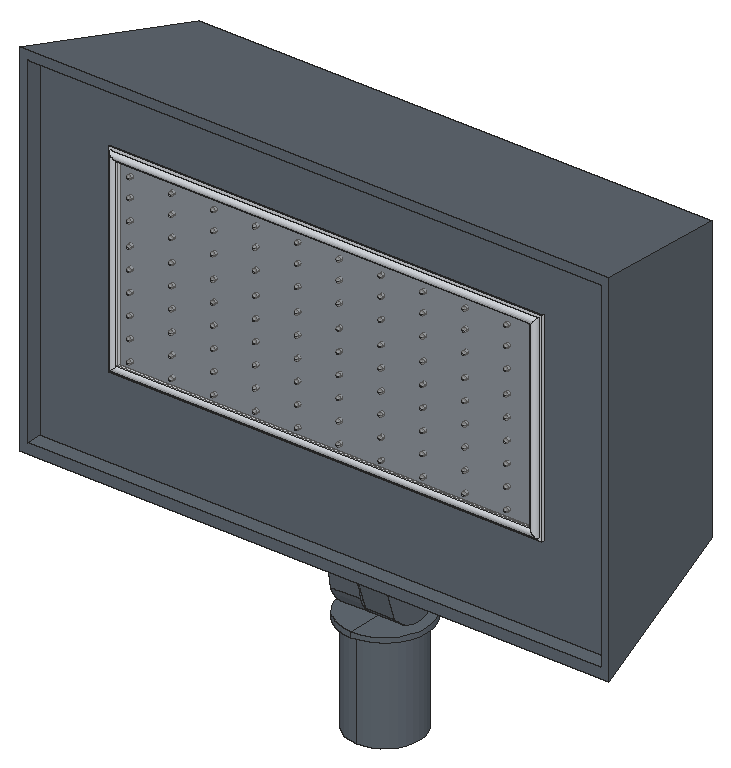
Revit family "RFL3", category Lighting Fixtures, host Face, Revit 2014
Parameters (values of type "RFL3")
  Width 1 = 5.000"
  Width = 11.630"
  Watts = 40 W
  Wattage Comments = "40W"
  Wattage = 40 W
  Warranty = "5 years Warranty"  # constant formula
  built-in parameter 1150110 = 1 (stored number, unit not read)
  Voltage = 120 V
  URL = "https://www.hubbell.com/hubbelllightingci/en"
  Type Comments = "Floodlighting"  # constant formula
  built-in parameter 1114217 = 1 (stored number, unit not read)
  Tilt Angle = 0.00°
  built-in parameter 1150109 = 1 (stored number, unit not read)
  built-in parameter 1150134 = 12
  built-in parameter 1150113 = 1 (stored number, unit not read)
  Screw = Metal-Hubbell-Gray
  Reflector Finish = Hubbell - White Glass
  Product Page URL = "https://www.hubbell.com/hubbelllightingci/en/Products/Lighting-Controls/Commercial-Outdoor-Lighting/Flood-Lighting/RFL3-Ratio-Floodlight/p/3236107"
  Product Doucmentation Link = "https://hubbellcdn.com/specsheet/HOL_RATIO_FLOOD_RFL2_3_SPEC.pdf"
  Power Factor = 1
  Photometric Web File = "RFL3-90L-40-4K7-M.ies"
  Photometric Note = "For more ies file please find the above Photometric Web Link"
  Model = "RFL3"
  Manufacturer = "Hubbell Lighting"  # constant formula
  built-in parameter 1150105 = 426.54 (stored number, unit not read)
  Lumens = 5360 lm
  built-in parameter 1150115 = 1 (stored number, unit not read)
  Load Classification = Lighting
  built-in parameter 1150137 = (empty or 0)
  built-in parameter 1150139 = (empty or 0)
  Length = 26.380"
  built-in parameter 1150112 = 1 (stored number, unit not read)
  built-in parameter 1150114 = 1 (stored number, unit not read)
  Lamp = "LED"  # constant formula
  LED_Finish = Glass - Hubbell - White
  LED = RFL : RFL
  built-in parameter 1150132 = (empty or 0)
  built-in parameter 1150102 = (empty or 0)
  built-in parameter 1150107 = 4000 (stored number, unit not read)
  built-in parameter 1150138 = (empty or 0)
  built-in parameter 1150106 = 4.2654 (stored number, unit not read)
  Housing Material = Paint - Hubbell - Carbon Black
  Features = "Lumen range from 2,000 to 4,000 lm\r\n• Color Temperature 3000K, 4000K, 5000K at\r\n70 and 80 CRI\r\n• Yoke and Threaded Knuckle mounting options.\r\n• 6 beam distributions and beam angles\r\nincluding: Narrow 17°x17°, Medium 28°x27°,\r\nMedium Flood 62°x61°, Wide 79°x64°,\r\nHorizontal 54°x22°, and Vertical 22°x54°.\r\n• IP66 sealed optical and driver chamber"  # constant formula
  built-in parameter 1150104 = 12.449 (stored number, unit not read)
  Dimming Lamp Color Temperature Shift = <None>
  Description = "Compact LED flood with a variety of NEMA distribution for lighting applications such as safety/security, accent, flag pole, columns, or signs. The Ratio flood series was designed in cohesion with the site/area products to provide a sleek yet timeless product family to be used throughout a site. Ratio features a dense optical array which provides reduced pixelation and increased visual comfort without compromising performance."  # constant formula
  Default Elevation = 48.000"
  Create Date = "05/31/2019"  # constant formula
  Copyright = "© 2019 HUBBELL LIGHTING"  # constant formula
  Contact = "https://www.hubbell.com/hubbelllightingci/en/contactUs"
  Connector Description = "Lighting Connector"  # constant formula
  Color Filter = 16777215
  built-in parameter 1114216 [instance] = (empty or 0)
  Certifications = "UL 1598 Standard for Luminaires,IP66 certified."  # constant formula
  built-in parameter 1114218 = 1 (stored number, unit not read)
  built-in parameter 1150133 = 10 (stored number, unit not read)
  Assembly Code = "D5020200"
  Apparent Load = Watts / Power Factor  # 40 VA
Reference planes (in)
  plane 1 "Center (Front/Back)": y = 0
  plane 2: z = 0
  plane 3 "Center (Left/Right)": x = 0
  plane 4: z = 9.3
Forms (in)
  Revolve 1, solid, material "Paint - Hubbell - Carbon Black" <- "Housing Material"
    sketch origin (0, 0.625, 0.57813) x (0, 1, 0) y (0, 0, 1)
      loop
        line (0.10822, 1.15809) -> (0.10822, -0.55336) -> (0.69184, -0.55336) -> (0.69184, 1.07444) -> (0.80803, 1.07444) -> (0.80803, 1.15809) -> (0.10822, 1.15809)
      axis (0.10822, 1.15809) -> (0.10822, -0.55336)
    angle from 0 to 360
  Extrusion 2, solid, material "Paint - Hubbell - Carbon Black"
    sketch origin (-0.25, 0.75, -1.01563) x (0, 1, 0) y (0, 0, 1)
      loop
        arc (-0.5138, 3.14643) -> (0.02516, 2.74808) -> (0.58106, 3.12241) r 0.58115
        line (0.58106, 3.12241) -> (0.41594, 4.05985)
        arc (0.41594, 4.05985) -> (-0.17138, 4.32927) -> (-0.64466, 3.88935) r 0.58115
        line (-0.64466, 3.88935) -> (-0.5138, 3.14643)
    from -0.25 to 0.25
  Revolve 3, solid, material "Metal-Hubbell-Gray" <- "Screw"
    sketch origin (-0.25, 0.57031, 2.4955) x (1, 0, 0) y (0, 1, 0)
      loop
        line (-0.26448, 0.19804) -> (-0.23348, 0.19804) -> (-0.23348, 0.1667) -> (0.72665, 0.1667) -> (0.72665, 0.19804) -> (0.75805, 0.19804) -> (0.75805, 0.29889) -> (0.719, 0.29889) -> (0.719, 0.26805) -> (-0.219, 0.26805) -> (-0.219, 0.29889) -> (-0.26448, 0.29889) -> (-0.26448, 0.19804)
      axis (-0.26448, 0.1667) -> (0.75805, 0.1667)
    angle from 0 to 360
Dimensions and locks (in)
  plane 4 to plane 2 = 9.300"  (x2)
  aligned and locked: plane 2 to host face
  aligned and locked: level to host face
Nested families (in)
  nested 1: "RFL" at (0.25, 0.73251, 3.25122) x (-1, 0, 0) z (0, 0, 1), type "RFL"
Connectors (in)
  electrical at (0, 0.73322, 0.02477), driven by "Voltage", driven by "Apparent Load", driven by "Connector Description", driven by "Load Classification"
    settings: on Revolve 1, index 1, voltage 120 V, apparent load 40 VA, apparent load phase1 0 VA, apparent load phase2 0 VA, apparent load phase3 0 VA, power factor 1, load classification "Lighting", number of poles 1, system type 30, power factor state 1, is connector primary yes, connector utility no, sub classification motor no, connector description "Lighting Connector"
Definition of nested family "RFL"
  Parameters (values of type "RFL")
    Width = 6.000"
    Length = 9.800"
    LED_Finish = Glass - Hubbell - White
    LED Base Plate = Glass - Hubbell - White
    LED = Glass - Hubbell - White
    Housing = Paint - Hubbell - Carbon Black
    Depth = 2.900"
    Case = Metal-Hubbell-Gray
  Reference planes (in)
    plane 1 "Center (Front/Back)": y = 0
    plane 2: z = 0
    plane 3 "Center (Left/Right)": x = 0
    plane 4: x = 4.9
    plane 5: x = -4.9
    plane 6: y = 3
    plane 7: y = -3
    plane 8: z = 6
  Forms (in)
    Extrusion 1, solid, material "Paint - Hubbell - Carbon Black" <- "Housing"
      sketch origin (0, 0.97332, -7.05511) x (0, 0.965926, 0.258819) y (0, -0.258819, 0.965926)
        loop
          arc (0.15705, 5.93067) -> (0.69498, 5.56534) -> (1.23499, 5.92759) r 0.58115
          line (1.23499, 5.92759) -> (1.36669, 7.42982) -> (0.05326, 7.48411) -> (0.15705, 5.93067)
      from -0.25 to 0.25
    Blend 2, solid, material "Paint - Hubbell - Carbon Black" <- "Housing"
      base sketch origin (0, 0, 2.3125) x (1, 0, 0) y (0, 0, 1)
        loop
          line (-4.86899, -2.3125) -> (4.9, -2.3125) -> (4.9, 3.6875) -> (-4.86899, 3.6875) -> (-4.86899, -2.3125)
      top sketch origin (0, 0, 2.3125) x (1, 0, 0) y (0, 0, 1)
        loop
          line (-4.25, 3.0375) -> (-4.25, -1.6625) -> (4.25, -1.6625) -> (4.25, 3.0375) -> (-4.25, 3.0375)
      from 1.75 to -1.15
    Extrusion 3, void
      sketch origin (0, 0, 0) x (1, 0, 0) y (0, 0, 1)
        loop
          line (-4.74325, 5.85607) -> (-4.74325, 0.16516) -> (4.77409, 0.16516) -> (4.77409, 5.85607) -> (-4.74325, 5.85607)
      from 1.75 to 1.49135
    Extrusion 4, solid, material "Glass - Hubbell - White" <- "LED Base Plate"
      sketch origin (0, 0, 0) x (1, 0, 0) y (0, 0, 1)
        loop
          line (-3.41133, 1.68111) -> (3.45596, 1.68111) -> (3.45596, 4.72037) -> (-3.41133, 4.72037) -> (-3.41133, 1.68111)
      from 1.56737 to 1.49135
    Sweep 5, solid
      path origin (0, -1.48379, 0) x (1, 0, 0) y (0, 0, 1)
        loop
          line (-3.57144, 4.88047) -> (-3.57144, 1.52101) -> (3.61606, 1.52101) -> (3.61606, 4.88047) -> (-3.57144, 4.88047)
      profile origin (0.02231, -1.48379, 4.88047) x (0, 0, 1) y (0, -1, 0)
        loop
          line (0, 0) -> (0, 0.03881) -> (-0.04662, 0.03881)
          arc (-0.04662, 0.03881) -> (-0.09916, 0.10354) -> (-0.1601, 0.04666) r 0.05701
          line (-0.1601, 0.04666) -> (-0.1601, 0) -> (0, 0)
    Revolve 6, solid, material "Glass - Hubbell - White" <- "LED_Finish"
      sketch origin (-0.84375, -0.05151, 4.54399) x (1, 0, 0) y (0, 1, 0)
        loop
          line (-2.15296, -1.43985) -> (-2.15296, -1.52075)
          arc (-2.15296, -1.52075) -> (-2.12758, -1.51024) -> (-2.11707, -1.48486) r 0.03589
          line (-2.11707, -1.48486) -> (-2.11707, -1.43985) -> (-2.15296, -1.43985)
        axis (-2.15296, -1.43985) -> (-2.15296, -1.52075)
      angle from 0 to 360
    Revolve 7, solid, material "Glass - Hubbell - White" <- "LED_Finish"
      sketch origin (-0.84375, -0.05151, 4.23149) x (1, 0, 0) y (0, 1, 0)
        loop
          line (-2.15296, -1.43985) -> (-2.15296, -1.52075)
          arc (-2.15296, -1.52075) -> (-2.12758, -1.51024) -> (-2.11707, -1.48486) r 0.03589
          line (-2.11707, -1.48486) -> (-2.11707, -1.43985) -> (-2.15296, -1.43985)
        axis (-2.15296, -1.43985) -> (-2.15296, -1.52075)
      angle from 0 to 360
    Revolve 8, solid, material "Glass - Hubbell - White" <- "LED_Finish"
      sketch origin (-0.84375, -0.05151, 3.88774) x (1, 0, 0) y (0, 1, 0)
        loop
          line (-2.15296, -1.43985) -> (-2.15296, -1.52075)
          arc (-2.15296, -1.52075) -> (-2.12758, -1.51024) -> (-2.11707, -1.48486) r 0.03589
          line (-2.11707, -1.48486) -> (-2.11707, -1.43985) -> (-2.15296, -1.43985)
        axis (-2.15296, -1.43985) -> (-2.15296, -1.52075)
      angle from 0 to 360
    Revolve 9, solid, material "Glass - Hubbell - White" <- "LED_Finish"
      sketch origin (-0.84375, -0.05151, 3.51274) x (1, 0, 0) y (0, 1, 0)
        loop
          line (-2.15296, -1.43985) -> (-2.15296, -1.52075)
          arc (-2.15296, -1.52075) -> (-2.12758, -1.51024) -> (-2.11707, -1.48486) r 0.03589
          line (-2.11707, -1.48486) -> (-2.11707, -1.43985) -> (-2.15296, -1.43985)
        axis (-2.15296, -1.43985) -> (-2.15296, -1.52075)
      angle from 0 to 360
    Revolve 10, solid, material "Glass - Hubbell - White" <- "LED_Finish"
      sketch origin (-0.84375, -0.05151, 3.16899) x (1, 0, 0) y (0, 1, 0)
        loop
          line (-2.15296, -1.43985) -> (-2.15296, -1.52075)
          arc (-2.15296, -1.52075) -> (-2.12758, -1.51024) -> (-2.11707, -1.48486) r 0.03589
          line (-2.11707, -1.48486) -> (-2.11707, -1.43985) -> (-2.15296, -1.43985)
        axis (-2.15296, -1.43985) -> (-2.15296, -1.52075)
      angle from 0 to 360
    Revolve 11, solid, material "Glass - Hubbell - White" <- "LED_Finish"
      sketch origin (-0.84375, -0.05151, 2.82524) x (1, 0, 0) y (0, 1, 0)
        loop
          line (-2.15296, -1.43985) -> (-2.15296, -1.52075)
          arc (-2.15296, -1.52075) -> (-2.12758, -1.51024) -> (-2.11707, -1.48486) r 0.03589
          line (-2.11707, -1.48486) -> (-2.11707, -1.43985) -> (-2.15296, -1.43985)
        axis (-2.15296, -1.43985) -> (-2.15296, -1.52075)
      angle from 0 to 360
    Revolve 12, solid, material "Glass - Hubbell - White" <- "LED_Finish"
      sketch origin (-0.84375, -0.05151, 2.48149) x (1, 0, 0) y (0, 1, 0)
        loop
          line (-2.15296, -1.43985) -> (-2.15296, -1.52075)
          arc (-2.15296, -1.52075) -> (-2.12758, -1.51024) -> (-2.11707, -1.48486) r 0.03589
          line (-2.11707, -1.48486) -> (-2.11707, -1.43985) -> (-2.15296, -1.43985)
        axis (-2.15296, -1.43985) -> (-2.15296, -1.52075)
      angle from 0 to 360
    Revolve 13, solid, material "Glass - Hubbell - White" <- "LED_Finish"
      sketch origin (-0.84375, -0.05151, 2.13774) x (1, 0, 0) y (0, 1, 0)
        loop
          line (-2.15296, -1.43985) -> (-2.15296, -1.52075)
          arc (-2.15296, -1.52075) -> (-2.12758, -1.51024) -> (-2.11707, -1.48486) r 0.03589
          line (-2.11707, -1.48486) -> (-2.11707, -1.43985) -> (-2.15296, -1.43985)
        axis (-2.15296, -1.43985) -> (-2.15296, -1.52075)
      angle from 0 to 360
    Revolve 14, solid, material "Glass - Hubbell - White" <- "LED_Finish"
      sketch origin (-0.84375, -0.05151, 1.79399) x (1, 0, 0) y (0, 1, 0)
        loop
          line (-2.15296, -1.43985) -> (-2.15296, -1.52075)
          arc (-2.15296, -1.52075) -> (-2.12758, -1.51024) -> (-2.11707, -1.48486) r 0.03589
          line (-2.11707, -1.48486) -> (-2.11707, -1.43985) -> (-2.15296, -1.43985)
        axis (-2.15296, -1.43985) -> (-2.15296, -1.52075)
      angle from 0 to 360
    Revolve 15, solid, material "Glass - Hubbell - White" <- "LED_Finish"
      sketch origin (5.40625, -0.05151, 4.54399) x (1, 0, 0) y (0, 1, 0)
        loop
          line (-2.15296, -1.43985) -> (-2.15296, -1.52075)
          arc (-2.15296, -1.52075) -> (-2.12758, -1.51024) -> (-2.11707, -1.48486) r 0.03589
          line (-2.11707, -1.48486) -> (-2.11707, -1.43985) -> (-2.15296, -1.43985)
        axis (-2.15296, -1.43985) -> (-2.15296, -1.52075)
      angle from 0 to 360
    Revolve 16, solid, material "Glass - Hubbell - White" <- "LED_Finish"
      sketch origin (5.40625, -0.05151, 4.23149) x (1, 0, 0) y (0, 1, 0)
        loop
          line (-2.15296, -1.43985) -> (-2.15296, -1.52075)
          arc (-2.15296, -1.52075) -> (-2.12758, -1.51024) -> (-2.11707, -1.48486) r 0.03589
          line (-2.11707, -1.48486) -> (-2.11707, -1.43985) -> (-2.15296, -1.43985)
        axis (-2.15296, -1.43985) -> (-2.15296, -1.52075)
      angle from 0 to 360
    Revolve 17, solid, material "Glass - Hubbell - White" <- "LED_Finish"
      sketch origin (5.40625, -0.05151, 3.88774) x (1, 0, 0) y (0, 1, 0)
        loop
          line (-2.15296, -1.43985) -> (-2.15296, -1.52075)
          arc (-2.15296, -1.52075) -> (-2.12758, -1.51024) -> (-2.11707, -1.48486) r 0.03589
          line (-2.11707, -1.48486) -> (-2.11707, -1.43985) -> (-2.15296, -1.43985)
        axis (-2.15296, -1.43985) -> (-2.15296, -1.52075)
      angle from 0 to 360
    Revolve 18, solid, material "Glass - Hubbell - White" <- "LED_Finish"
      sketch origin (5.40625, -0.05151, 3.51274) x (1, 0, 0) y (0, 1, 0)
        loop
          line (-2.15296, -1.43985) -> (-2.15296, -1.52075)
          arc (-2.15296, -1.52075) -> (-2.12758, -1.51024) -> (-2.11707, -1.48486) r 0.03589
          line (-2.11707, -1.48486) -> (-2.11707, -1.43985) -> (-2.15296, -1.43985)
        axis (-2.15296, -1.43985) -> (-2.15296, -1.52075)
      angle from 0 to 360
    Revolve 19, solid, material "Glass - Hubbell - White" <- "LED_Finish"
      sketch origin (5.40625, -0.05151, 3.16899) x (1, 0, 0) y (0, 1, 0)
        loop
          line (-2.15296, -1.43985) -> (-2.15296, -1.52075)
          arc (-2.15296, -1.52075) -> (-2.12758, -1.51024) -> (-2.11707, -1.48486) r 0.03589
          line (-2.11707, -1.48486) -> (-2.11707, -1.43985) -> (-2.15296, -1.43985)
        axis (-2.15296, -1.43985) -> (-2.15296, -1.52075)
      angle from 0 to 360
    Revolve 20, solid, material "Glass - Hubbell - White" <- "LED_Finish"
      sketch origin (5.40625, -0.05151, 2.82524) x (1, 0, 0) y (0, 1, 0)
        loop
          line (-2.15296, -1.43985) -> (-2.15296, -1.52075)
          arc (-2.15296, -1.52075) -> (-2.12758, -1.51024) -> (-2.11707, -1.48486) r 0.03589
          line (-2.11707, -1.48486) -> (-2.11707, -1.43985) -> (-2.15296, -1.43985)
        axis (-2.15296, -1.43985) -> (-2.15296, -1.52075)
      angle from 0 to 360
    Revolve 21, solid, material "Glass - Hubbell - White" <- "LED_Finish"
      sketch origin (5.40625, -0.05151, 2.48149) x (1, 0, 0) y (0, 1, 0)
        loop
          line (-2.15296, -1.43985) -> (-2.15296, -1.52075)
          arc (-2.15296, -1.52075) -> (-2.12758, -1.51024) -> (-2.11707, -1.48486) r 0.03589
          line (-2.11707, -1.48486) -> (-2.11707, -1.43985) -> (-2.15296, -1.43985)
        axis (-2.15296, -1.43985) -> (-2.15296, -1.52075)
      angle from 0 to 360
    Revolve 22, solid, material "Glass - Hubbell - White" <- "LED_Finish"
      sketch origin (5.40625, -0.05151, 2.13774) x (1, 0, 0) y (0, 1, 0)
        loop
          line (-2.15296, -1.43985) -> (-2.15296, -1.52075)
          arc (-2.15296, -1.52075) -> (-2.12758, -1.51024) -> (-2.11707, -1.48486) r 0.03589
          line (-2.11707, -1.48486) -> (-2.11707, -1.43985) -> (-2.15296, -1.43985)
        axis (-2.15296, -1.43985) -> (-2.15296, -1.52075)
      angle from 0 to 360
    Revolve 23, solid, material "Glass - Hubbell - White" <- "LED_Finish"
      sketch origin (5.40625, -0.05151, 1.79399) x (1, 0, 0) y (0, 1, 0)
        loop
          line (-2.15296, -1.43985) -> (-2.15296, -1.52075)
          arc (-2.15296, -1.52075) -> (-2.12758, -1.51024) -> (-2.11707, -1.48486) r 0.03589
          line (-2.11707, -1.48486) -> (-2.11707, -1.43985) -> (-2.15296, -1.43985)
        axis (-2.15296, -1.43985) -> (-2.15296, -1.52075)
      angle from 0 to 360
    Revolve 24, solid, material "Glass - Hubbell - White" <- "LED_Finish"
      sketch origin (-0.14931, -0.05151, 4.54399) x (1, 0, 0) y (0, 1, 0)
        loop
          line (-2.15296, -1.43985) -> (-2.15296, -1.52075)
          arc (-2.15296, -1.52075) -> (-2.12758, -1.51024) -> (-2.11707, -1.48486) r 0.03589
          line (-2.11707, -1.48486) -> (-2.11707, -1.43985) -> (-2.15296, -1.43985)
        axis (-2.15296, -1.43985) -> (-2.15296, -1.52075)
      angle from 0 to 360
    Revolve 25, solid, material "Glass - Hubbell - White" <- "LED_Finish"
      sketch origin (-0.14931, -0.05151, 4.23149) x (1, 0, 0) y (0, 1, 0)
        loop
          line (-2.15296, -1.43985) -> (-2.15296, -1.52075)
          arc (-2.15296, -1.52075) -> (-2.12758, -1.51024) -> (-2.11707, -1.48486) r 0.03589
          line (-2.11707, -1.48486) -> (-2.11707, -1.43985) -> (-2.15296, -1.43985)
        axis (-2.15296, -1.43985) -> (-2.15296, -1.52075)
      angle from 0 to 360
    Revolve 26, solid, material "Glass - Hubbell - White" <- "LED_Finish"
      sketch origin (-0.14931, -0.05151, 3.88774) x (1, 0, 0) y (0, 1, 0)
        loop
          line (-2.15296, -1.43985) -> (-2.15296, -1.52075)
          arc (-2.15296, -1.52075) -> (-2.12758, -1.51024) -> (-2.11707, -1.48486) r 0.03589
          line (-2.11707, -1.48486) -> (-2.11707, -1.43985) -> (-2.15296, -1.43985)
        axis (-2.15296, -1.43985) -> (-2.15296, -1.52075)
      angle from 0 to 360
    Revolve 27, solid, material "Glass - Hubbell - White" <- "LED_Finish"
      sketch origin (-0.14931, -0.05151, 3.51274) x (1, 0, 0) y (0, 1, 0)
        loop
          line (-2.15296, -1.43985) -> (-2.15296, -1.52075)
          arc (-2.15296, -1.52075) -> (-2.12758, -1.51024) -> (-2.11707, -1.48486) r 0.03589
          line (-2.11707, -1.48486) -> (-2.11707, -1.43985) -> (-2.15296, -1.43985)
        axis (-2.15296, -1.43985) -> (-2.15296, -1.52075)
      angle from 0 to 360
    Revolve 28, solid, material "Glass - Hubbell - White" <- "LED_Finish"
      sketch origin (-0.14931, -0.05151, 3.16899) x (1, 0, 0) y (0, 1, 0)
        loop
          line (-2.15296, -1.43985) -> (-2.15296, -1.52075)
          arc (-2.15296, -1.52075) -> (-2.12758, -1.51024) -> (-2.11707, -1.48486) r 0.03589
          line (-2.11707, -1.48486) -> (-2.11707, -1.43985) -> (-2.15296, -1.43985)
        axis (-2.15296, -1.43985) -> (-2.15296, -1.52075)
      angle from 0 to 360
    Revolve 29, solid, material "Glass - Hubbell - White" <- "LED_Finish"
      sketch origin (-0.14931, -0.05151, 2.82524) x (1, 0, 0) y (0, 1, 0)
        loop
          line (-2.15296, -1.43985) -> (-2.15296, -1.52075)
          arc (-2.15296, -1.52075) -> (-2.12758, -1.51024) -> (-2.11707, -1.48486) r 0.03589
          line (-2.11707, -1.48486) -> (-2.11707, -1.43985) -> (-2.15296, -1.43985)
        axis (-2.15296, -1.43985) -> (-2.15296, -1.52075)
      angle from 0 to 360
    Revolve 30, solid, material "Glass - Hubbell - White" <- "LED_Finish"
      sketch origin (-0.14931, -0.05151, 2.48149) x (1, 0, 0) y (0, 1, 0)
        loop
          line (-2.15296, -1.43985) -> (-2.15296, -1.52075)
          arc (-2.15296, -1.52075) -> (-2.12758, -1.51024) -> (-2.11707, -1.48486) r 0.03589
          line (-2.11707, -1.48486) -> (-2.11707, -1.43985) -> (-2.15296, -1.43985)
        axis (-2.15296, -1.43985) -> (-2.15296, -1.52075)
      angle from 0 to 360
    Revolve 31, solid, material "Glass - Hubbell - White" <- "LED_Finish"
      sketch origin (-0.14931, -0.05151, 2.13774) x (1, 0, 0) y (0, 1, 0)
        loop
          line (-2.15296, -1.43985) -> (-2.15296, -1.52075)
          arc (-2.15296, -1.52075) -> (-2.12758, -1.51024) -> (-2.11707, -1.48486) r 0.03589
          line (-2.11707, -1.48486) -> (-2.11707, -1.43985) -> (-2.15296, -1.43985)
        axis (-2.15296, -1.43985) -> (-2.15296, -1.52075)
      angle from 0 to 360
    Revolve 32, solid, material "Glass - Hubbell - White" <- "LED_Finish"
      sketch origin (-0.14931, -0.05151, 1.79399) x (1, 0, 0) y (0, 1, 0)
        loop
          line (-2.15296, -1.43985) -> (-2.15296, -1.52075)
          arc (-2.15296, -1.52075) -> (-2.12758, -1.51024) -> (-2.11707, -1.48486) r 0.03589
          line (-2.11707, -1.48486) -> (-2.11707, -1.43985) -> (-2.15296, -1.43985)
        axis (-2.15296, -1.43985) -> (-2.15296, -1.52075)
      angle from 0 to 360
    Revolve 33, solid, material "Glass - Hubbell - White" <- "LED_Finish"
      sketch origin (0.54514, -0.05151, 4.54399) x (1, 0, 0) y (0, 1, 0)
        loop
          line (-2.15296, -1.43985) -> (-2.15296, -1.52075)
          arc (-2.15296, -1.52075) -> (-2.12758, -1.51024) -> (-2.11707, -1.48486) r 0.03589
          line (-2.11707, -1.48486) -> (-2.11707, -1.43985) -> (-2.15296, -1.43985)
        axis (-2.15296, -1.43985) -> (-2.15296, -1.52075)
      angle from 0 to 360
    Revolve 34, solid, material "Glass - Hubbell - White" <- "LED_Finish"
      sketch origin (0.54514, -0.05151, 4.23149) x (1, 0, 0) y (0, 1, 0)
        loop
          line (-2.15296, -1.43985) -> (-2.15296, -1.52075)
          arc (-2.15296, -1.52075) -> (-2.12758, -1.51024) -> (-2.11707, -1.48486) r 0.03589
          line (-2.11707, -1.48486) -> (-2.11707, -1.43985) -> (-2.15296, -1.43985)
        axis (-2.15296, -1.43985) -> (-2.15296, -1.52075)
      angle from 0 to 360
    Revolve 35, solid, material "Glass - Hubbell - White" <- "LED_Finish"
      sketch origin (0.54514, -0.05151, 3.88774) x (1, 0, 0) y (0, 1, 0)
        loop
          line (-2.15296, -1.43985) -> (-2.15296, -1.52075)
          arc (-2.15296, -1.52075) -> (-2.12758, -1.51024) -> (-2.11707, -1.48486) r 0.03589
          line (-2.11707, -1.48486) -> (-2.11707, -1.43985) -> (-2.15296, -1.43985)
        axis (-2.15296, -1.43985) -> (-2.15296, -1.52075)
      angle from 0 to 360
    Revolve 36, solid, material "Glass - Hubbell - White" <- "LED_Finish"
      sketch origin (0.54514, -0.05151, 3.51274) x (1, 0, 0) y (0, 1, 0)
        loop
          line (-2.15296, -1.43985) -> (-2.15296, -1.52075)
          arc (-2.15296, -1.52075) -> (-2.12758, -1.51024) -> (-2.11707, -1.48486) r 0.03589
          line (-2.11707, -1.48486) -> (-2.11707, -1.43985) -> (-2.15296, -1.43985)
        axis (-2.15296, -1.43985) -> (-2.15296, -1.52075)
      angle from 0 to 360
    Revolve 37, solid, material "Glass - Hubbell - White" <- "LED_Finish"
      sketch origin (0.54514, -0.05151, 3.16899) x (1, 0, 0) y (0, 1, 0)
        loop
          line (-2.15296, -1.43985) -> (-2.15296, -1.52075)
          arc (-2.15296, -1.52075) -> (-2.12758, -1.51024) -> (-2.11707, -1.48486) r 0.03589
          line (-2.11707, -1.48486) -> (-2.11707, -1.43985) -> (-2.15296, -1.43985)
        axis (-2.15296, -1.43985) -> (-2.15296, -1.52075)
      angle from 0 to 360
    Revolve 38, solid, material "Glass - Hubbell - White" <- "LED_Finish"
      sketch origin (0.54514, -0.05151, 2.82524) x (1, 0, 0) y (0, 1, 0)
        loop
          line (-2.15296, -1.43985) -> (-2.15296, -1.52075)
          arc (-2.15296, -1.52075) -> (-2.12758, -1.51024) -> (-2.11707, -1.48486) r 0.03589
          line (-2.11707, -1.48486) -> (-2.11707, -1.43985) -> (-2.15296, -1.43985)
        axis (-2.15296, -1.43985) -> (-2.15296, -1.52075)
      angle from 0 to 360
    Revolve 39, solid, material "Glass - Hubbell - White" <- "LED_Finish"
      sketch origin (0.54514, -0.05151, 2.48149) x (1, 0, 0) y (0, 1, 0)
        loop
          line (-2.15296, -1.43985) -> (-2.15296, -1.52075)
          arc (-2.15296, -1.52075) -> (-2.12758, -1.51024) -> (-2.11707, -1.48486) r 0.03589
          line (-2.11707, -1.48486) -> (-2.11707, -1.43985) -> (-2.15296, -1.43985)
        axis (-2.15296, -1.43985) -> (-2.15296, -1.52075)
      angle from 0 to 360
    Revolve 40, solid, material "Glass - Hubbell - White" <- "LED_Finish"
      sketch origin (0.54514, -0.05151, 2.13774) x (1, 0, 0) y (0, 1, 0)
        loop
          line (-2.15296, -1.43985) -> (-2.15296, -1.52075)
          arc (-2.15296, -1.52075) -> (-2.12758, -1.51024) -> (-2.11707, -1.48486) r 0.03589
          line (-2.11707, -1.48486) -> (-2.11707, -1.43985) -> (-2.15296, -1.43985)
        axis (-2.15296, -1.43985) -> (-2.15296, -1.52075)
      angle from 0 to 360
    Revolve 41, solid, material "Glass - Hubbell - White" <- "LED_Finish"
      sketch origin (0.54514, -0.05151, 1.79399) x (1, 0, 0) y (0, 1, 0)
        loop
          line (-2.15296, -1.43985) -> (-2.15296, -1.52075)
          arc (-2.15296, -1.52075) -> (-2.12758, -1.51024) -> (-2.11707, -1.48486) r 0.03589
          line (-2.11707, -1.48486) -> (-2.11707, -1.43985) -> (-2.15296, -1.43985)
        axis (-2.15296, -1.43985) -> (-2.15296, -1.52075)
      angle from 0 to 360
    Revolve 42, solid, material "Glass - Hubbell - White" <- "LED_Finish"
      sketch origin (1.23958, -0.05151, 4.54399) x (1, 0, 0) y (0, 1, 0)
        loop
          line (-2.15296, -1.43985) -> (-2.15296, -1.52075)
          arc (-2.15296, -1.52075) -> (-2.12758, -1.51024) -> (-2.11707, -1.48486) r 0.03589
          line (-2.11707, -1.48486) -> (-2.11707, -1.43985) -> (-2.15296, -1.43985)
        axis (-2.15296, -1.43985) -> (-2.15296, -1.52075)
      angle from 0 to 360
    Revolve 43, solid, material "Glass - Hubbell - White" <- "LED_Finish"
      sketch origin (1.23958, -0.05151, 4.23149) x (1, 0, 0) y (0, 1, 0)
        loop
          line (-2.15296, -1.43985) -> (-2.15296, -1.52075)
          arc (-2.15296, -1.52075) -> (-2.12758, -1.51024) -> (-2.11707, -1.48486) r 0.03589
          line (-2.11707, -1.48486) -> (-2.11707, -1.43985) -> (-2.15296, -1.43985)
        axis (-2.15296, -1.43985) -> (-2.15296, -1.52075)
      angle from 0 to 360
    Revolve 44, solid, material "Glass - Hubbell - White" <- "LED_Finish"
      sketch origin (1.23958, -0.05151, 3.88774) x (1, 0, 0) y (0, 1, 0)
        loop
          line (-2.15296, -1.43985) -> (-2.15296, -1.52075)
          arc (-2.15296, -1.52075) -> (-2.12758, -1.51024) -> (-2.11707, -1.48486) r 0.03589
          line (-2.11707, -1.48486) -> (-2.11707, -1.43985) -> (-2.15296, -1.43985)
        axis (-2.15296, -1.43985) -> (-2.15296, -1.52075)
      angle from 0 to 360
    Revolve 45, solid, material "Glass - Hubbell - White" <- "LED_Finish"
      sketch origin (1.23958, -0.05151, 3.51274) x (1, 0, 0) y (0, 1, 0)
        loop
          line (-2.15296, -1.43985) -> (-2.15296, -1.52075)
          arc (-2.15296, -1.52075) -> (-2.12758, -1.51024) -> (-2.11707, -1.48486) r 0.03589
          line (-2.11707, -1.48486) -> (-2.11707, -1.43985) -> (-2.15296, -1.43985)
        axis (-2.15296, -1.43985) -> (-2.15296, -1.52075)
      angle from 0 to 360
    Revolve 46, solid, material "Glass - Hubbell - White" <- "LED_Finish"
      sketch origin (1.23958, -0.05151, 3.16899) x (1, 0, 0) y (0, 1, 0)
        loop
          line (-2.15296, -1.43985) -> (-2.15296, -1.52075)
          arc (-2.15296, -1.52075) -> (-2.12758, -1.51024) -> (-2.11707, -1.48486) r 0.03589
          line (-2.11707, -1.48486) -> (-2.11707, -1.43985) -> (-2.15296, -1.43985)
        axis (-2.15296, -1.43985) -> (-2.15296, -1.52075)
      angle from 0 to 360
    Revolve 47, solid, material "Glass - Hubbell - White" <- "LED_Finish"
      sketch origin (1.23958, -0.05151, 2.82524) x (1, 0, 0) y (0, 1, 0)
        loop
          line (-2.15296, -1.43985) -> (-2.15296, -1.52075)
          arc (-2.15296, -1.52075) -> (-2.12758, -1.51024) -> (-2.11707, -1.48486) r 0.03589
          line (-2.11707, -1.48486) -> (-2.11707, -1.43985) -> (-2.15296, -1.43985)
        axis (-2.15296, -1.43985) -> (-2.15296, -1.52075)
      angle from 0 to 360
    Revolve 48, solid, material "Glass - Hubbell - White" <- "LED_Finish"
      sketch origin (1.23958, -0.05151, 2.48149) x (1, 0, 0) y (0, 1, 0)
        loop
          line (-2.15296, -1.43985) -> (-2.15296, -1.52075)
          arc (-2.15296, -1.52075) -> (-2.12758, -1.51024) -> (-2.11707, -1.48486) r 0.03589
          line (-2.11707, -1.48486) -> (-2.11707, -1.43985) -> (-2.15296, -1.43985)
        axis (-2.15296, -1.43985) -> (-2.15296, -1.52075)
      angle from 0 to 360
    Revolve 49, solid, material "Glass - Hubbell - White" <- "LED_Finish"
      sketch origin (1.23958, -0.05151, 2.13774) x (1, 0, 0) y (0, 1, 0)
        loop
          line (-2.15296, -1.43985) -> (-2.15296, -1.52075)
          arc (-2.15296, -1.52075) -> (-2.12758, -1.51024) -> (-2.11707, -1.48486) r 0.03589
          line (-2.11707, -1.48486) -> (-2.11707, -1.43985) -> (-2.15296, -1.43985)
        axis (-2.15296, -1.43985) -> (-2.15296, -1.52075)
      angle from 0 to 360
    Revolve 50, solid, material "Glass - Hubbell - White" <- "LED_Finish"
      sketch origin (1.23958, -0.05151, 1.79399) x (1, 0, 0) y (0, 1, 0)
        loop
          line (-2.15296, -1.43985) -> (-2.15296, -1.52075)
          arc (-2.15296, -1.52075) -> (-2.12758, -1.51024) -> (-2.11707, -1.48486) r 0.03589
          line (-2.11707, -1.48486) -> (-2.11707, -1.43985) -> (-2.15296, -1.43985)
        axis (-2.15296, -1.43985) -> (-2.15296, -1.52075)
      angle from 0 to 360
    Revolve 51, solid, material "Glass - Hubbell - White" <- "LED_Finish"
      sketch origin (1.93403, -0.05151, 4.54399) x (1, 0, 0) y (0, 1, 0)
        loop
          line (-2.15296, -1.43985) -> (-2.15296, -1.52075)
          arc (-2.15296, -1.52075) -> (-2.12758, -1.51024) -> (-2.11707, -1.48486) r 0.03589
          line (-2.11707, -1.48486) -> (-2.11707, -1.43985) -> (-2.15296, -1.43985)
        axis (-2.15296, -1.43985) -> (-2.15296, -1.52075)
      angle from 0 to 360
    Revolve 52, solid, material "Glass - Hubbell - White" <- "LED_Finish"
      sketch origin (1.93403, -0.05151, 4.23149) x (1, 0, 0) y (0, 1, 0)
        loop
          line (-2.15296, -1.43985) -> (-2.15296, -1.52075)
          arc (-2.15296, -1.52075) -> (-2.12758, -1.51024) -> (-2.11707, -1.48486) r 0.03589
          line (-2.11707, -1.48486) -> (-2.11707, -1.43985) -> (-2.15296, -1.43985)
        axis (-2.15296, -1.43985) -> (-2.15296, -1.52075)
      angle from 0 to 360
    Revolve 53, solid, material "Glass - Hubbell - White" <- "LED_Finish"
      sketch origin (1.93403, -0.05151, 3.88774) x (1, 0, 0) y (0, 1, 0)
        loop
          line (-2.15296, -1.43985) -> (-2.15296, -1.52075)
          arc (-2.15296, -1.52075) -> (-2.12758, -1.51024) -> (-2.11707, -1.48486) r 0.03589
          line (-2.11707, -1.48486) -> (-2.11707, -1.43985) -> (-2.15296, -1.43985)
        axis (-2.15296, -1.43985) -> (-2.15296, -1.52075)
      angle from 0 to 360
    Revolve 54, solid, material "Glass - Hubbell - White" <- "LED_Finish"
      sketch origin (1.93403, -0.05151, 3.51274) x (1, 0, 0) y (0, 1, 0)
        loop
          line (-2.15296, -1.43985) -> (-2.15296, -1.52075)
          arc (-2.15296, -1.52075) -> (-2.12758, -1.51024) -> (-2.11707, -1.48486) r 0.03589
          line (-2.11707, -1.48486) -> (-2.11707, -1.43985) -> (-2.15296, -1.43985)
        axis (-2.15296, -1.43985) -> (-2.15296, -1.52075)
      angle from 0 to 360
    Revolve 55, solid, material "Glass - Hubbell - White" <- "LED_Finish"
      sketch origin (1.93403, -0.05151, 3.16899) x (1, 0, 0) y (0, 1, 0)
        loop
          line (-2.15296, -1.43985) -> (-2.15296, -1.52075)
          arc (-2.15296, -1.52075) -> (-2.12758, -1.51024) -> (-2.11707, -1.48486) r 0.03589
          line (-2.11707, -1.48486) -> (-2.11707, -1.43985) -> (-2.15296, -1.43985)
        axis (-2.15296, -1.43985) -> (-2.15296, -1.52075)
      angle from 0 to 360
    Revolve 56, solid, material "Glass - Hubbell - White" <- "LED_Finish"
      sketch origin (1.93403, -0.05151, 2.82524) x (1, 0, 0) y (0, 1, 0)
        loop
          line (-2.15296, -1.43985) -> (-2.15296, -1.52075)
          arc (-2.15296, -1.52075) -> (-2.12758, -1.51024) -> (-2.11707, -1.48486) r 0.03589
          line (-2.11707, -1.48486) -> (-2.11707, -1.43985) -> (-2.15296, -1.43985)
        axis (-2.15296, -1.43985) -> (-2.15296, -1.52075)
      angle from 0 to 360
    Revolve 57, solid, material "Glass - Hubbell - White" <- "LED_Finish"
      sketch origin (1.93403, -0.05151, 2.48149) x (1, 0, 0) y (0, 1, 0)
        loop
          line (-2.15296, -1.43985) -> (-2.15296, -1.52075)
          arc (-2.15296, -1.52075) -> (-2.12758, -1.51024) -> (-2.11707, -1.48486) r 0.03589
          line (-2.11707, -1.48486) -> (-2.11707, -1.43985) -> (-2.15296, -1.43985)
        axis (-2.15296, -1.43985) -> (-2.15296, -1.52075)
      angle from 0 to 360
    Revolve 58, solid, material "Glass - Hubbell - White" <- "LED_Finish"
      sketch origin (1.93403, -0.05151, 2.13774) x (1, 0, 0) y (0, 1, 0)
        loop
          line (-2.15296, -1.43985) -> (-2.15296, -1.52075)
          arc (-2.15296, -1.52075) -> (-2.12758, -1.51024) -> (-2.11707, -1.48486) r 0.03589
          line (-2.11707, -1.48486) -> (-2.11707, -1.43985) -> (-2.15296, -1.43985)
        axis (-2.15296, -1.43985) -> (-2.15296, -1.52075)
      angle from 0 to 360
    Revolve 59, solid, material "Glass - Hubbell - White" <- "LED_Finish"
      sketch origin (1.93403, -0.05151, 1.79399) x (1, 0, 0) y (0, 1, 0)
        loop
          line (-2.15296, -1.43985) -> (-2.15296, -1.52075)
          arc (-2.15296, -1.52075) -> (-2.12758, -1.51024) -> (-2.11707, -1.48486) r 0.03589
          line (-2.11707, -1.48486) -> (-2.11707, -1.43985) -> (-2.15296, -1.43985)
        axis (-2.15296, -1.43985) -> (-2.15296, -1.52075)
      angle from 0 to 360
    Revolve 60, solid, material "Glass - Hubbell - White" <- "LED_Finish"
      sketch origin (2.62847, -0.05151, 4.54399) x (1, 0, 0) y (0, 1, 0)
        loop
          line (-2.15296, -1.43985) -> (-2.15296, -1.52075)
          arc (-2.15296, -1.52075) -> (-2.12758, -1.51024) -> (-2.11707, -1.48486) r 0.03589
          line (-2.11707, -1.48486) -> (-2.11707, -1.43985) -> (-2.15296, -1.43985)
        axis (-2.15296, -1.43985) -> (-2.15296, -1.52075)
      angle from 0 to 360
    Revolve 61, solid, material "Glass - Hubbell - White" <- "LED_Finish"
      sketch origin (2.62847, -0.05151, 4.23149) x (1, 0, 0) y (0, 1, 0)
        loop
          line (-2.15296, -1.43985) -> (-2.15296, -1.52075)
          arc (-2.15296, -1.52075) -> (-2.12758, -1.51024) -> (-2.11707, -1.48486) r 0.03589
          line (-2.11707, -1.48486) -> (-2.11707, -1.43985) -> (-2.15296, -1.43985)
        axis (-2.15296, -1.43985) -> (-2.15296, -1.52075)
      angle from 0 to 360
    Revolve 62, solid, material "Glass - Hubbell - White" <- "LED_Finish"
      sketch origin (2.62847, -0.05151, 3.88774) x (1, 0, 0) y (0, 1, 0)
        loop
          line (-2.15296, -1.43985) -> (-2.15296, -1.52075)
          arc (-2.15296, -1.52075) -> (-2.12758, -1.51024) -> (-2.11707, -1.48486) r 0.03589
          line (-2.11707, -1.48486) -> (-2.11707, -1.43985) -> (-2.15296, -1.43985)
        axis (-2.15296, -1.43985) -> (-2.15296, -1.52075)
      angle from 0 to 360
    Revolve 63, solid, material "Glass - Hubbell - White" <- "LED_Finish"
      sketch origin (2.62847, -0.05151, 3.51274) x (1, 0, 0) y (0, 1, 0)
        loop
          line (-2.15296, -1.43985) -> (-2.15296, -1.52075)
          arc (-2.15296, -1.52075) -> (-2.12758, -1.51024) -> (-2.11707, -1.48486) r 0.03589
          line (-2.11707, -1.48486) -> (-2.11707, -1.43985) -> (-2.15296, -1.43985)
        axis (-2.15296, -1.43985) -> (-2.15296, -1.52075)
      angle from 0 to 360
    Revolve 64, solid, material "Glass - Hubbell - White" <- "LED_Finish"
      sketch origin (2.62847, -0.05151, 3.16899) x (1, 0, 0) y (0, 1, 0)
        loop
          line (-2.15296, -1.43985) -> (-2.15296, -1.52075)
          arc (-2.15296, -1.52075) -> (-2.12758, -1.51024) -> (-2.11707, -1.48486) r 0.03589
          line (-2.11707, -1.48486) -> (-2.11707, -1.43985) -> (-2.15296, -1.43985)
        axis (-2.15296, -1.43985) -> (-2.15296, -1.52075)
      angle from 0 to 360
    Revolve 65, solid, material "Glass - Hubbell - White" <- "LED_Finish"
      sketch origin (2.62847, -0.05151, 2.82524) x (1, 0, 0) y (0, 1, 0)
        loop
          line (-2.15296, -1.43985) -> (-2.15296, -1.52075)
          arc (-2.15296, -1.52075) -> (-2.12758, -1.51024) -> (-2.11707, -1.48486) r 0.03589
          line (-2.11707, -1.48486) -> (-2.11707, -1.43985) -> (-2.15296, -1.43985)
        axis (-2.15296, -1.43985) -> (-2.15296, -1.52075)
      angle from 0 to 360
    Revolve 66, solid, material "Glass - Hubbell - White" <- "LED_Finish"
      sketch origin (2.62847, -0.05151, 2.48149) x (1, 0, 0) y (0, 1, 0)
        loop
          line (-2.15296, -1.43985) -> (-2.15296, -1.52075)
          arc (-2.15296, -1.52075) -> (-2.12758, -1.51024) -> (-2.11707, -1.48486) r 0.03589
          line (-2.11707, -1.48486) -> (-2.11707, -1.43985) -> (-2.15296, -1.43985)
        axis (-2.15296, -1.43985) -> (-2.15296, -1.52075)
      angle from 0 to 360
    Revolve 67, solid, material "Glass - Hubbell - White" <- "LED_Finish"
      sketch origin (2.62847, -0.05151, 2.13774) x (1, 0, 0) y (0, 1, 0)
        loop
          line (-2.15296, -1.43985) -> (-2.15296, -1.52075)
          arc (-2.15296, -1.52075) -> (-2.12758, -1.51024) -> (-2.11707, -1.48486) r 0.03589
          line (-2.11707, -1.48486) -> (-2.11707, -1.43985) -> (-2.15296, -1.43985)
        axis (-2.15296, -1.43985) -> (-2.15296, -1.52075)
      angle from 0 to 360
    Revolve 68, solid, material "Glass - Hubbell - White" <- "LED_Finish"
      sketch origin (2.62847, -0.05151, 1.79399) x (1, 0, 0) y (0, 1, 0)
        loop
          line (-2.15296, -1.43985) -> (-2.15296, -1.52075)
          arc (-2.15296, -1.52075) -> (-2.12758, -1.51024) -> (-2.11707, -1.48486) r 0.03589
          line (-2.11707, -1.48486) -> (-2.11707, -1.43985) -> (-2.15296, -1.43985)
        axis (-2.15296, -1.43985) -> (-2.15296, -1.52075)
      angle from 0 to 360
    Revolve 69, solid, material "Glass - Hubbell - White" <- "LED_Finish"
      sketch origin (3.32292, -0.05151, 4.54399) x (1, 0, 0) y (0, 1, 0)
        loop
          line (-2.15296, -1.43985) -> (-2.15296, -1.52075)
          arc (-2.15296, -1.52075) -> (-2.12758, -1.51024) -> (-2.11707, -1.48486) r 0.03589
          line (-2.11707, -1.48486) -> (-2.11707, -1.43985) -> (-2.15296, -1.43985)
        axis (-2.15296, -1.43985) -> (-2.15296, -1.52075)
      angle from 0 to 360
    Revolve 70, solid, material "Glass - Hubbell - White" <- "LED_Finish"
      sketch origin (3.32292, -0.05151, 4.23149) x (1, 0, 0) y (0, 1, 0)
        loop
          line (-2.15296, -1.43985) -> (-2.15296, -1.52075)
          arc (-2.15296, -1.52075) -> (-2.12758, -1.51024) -> (-2.11707, -1.48486) r 0.03589
          line (-2.11707, -1.48486) -> (-2.11707, -1.43985) -> (-2.15296, -1.43985)
        axis (-2.15296, -1.43985) -> (-2.15296, -1.52075)
      angle from 0 to 360
    Revolve 71, solid, material "Glass - Hubbell - White" <- "LED_Finish"
      sketch origin (3.32292, -0.05151, 3.88774) x (1, 0, 0) y (0, 1, 0)
        loop
          line (-2.15296, -1.43985) -> (-2.15296, -1.52075)
          arc (-2.15296, -1.52075) -> (-2.12758, -1.51024) -> (-2.11707, -1.48486) r 0.03589
          line (-2.11707, -1.48486) -> (-2.11707, -1.43985) -> (-2.15296, -1.43985)
        axis (-2.15296, -1.43985) -> (-2.15296, -1.52075)
      angle from 0 to 360
    Revolve 72, solid, material "Glass - Hubbell - White" <- "LED_Finish"
      sketch origin (3.32292, -0.05151, 3.51274) x (1, 0, 0) y (0, 1, 0)
        loop
          line (-2.15296, -1.43985) -> (-2.15296, -1.52075)
          arc (-2.15296, -1.52075) -> (-2.12758, -1.51024) -> (-2.11707, -1.48486) r 0.03589
          line (-2.11707, -1.48486) -> (-2.11707, -1.43985) -> (-2.15296, -1.43985)
        axis (-2.15296, -1.43985) -> (-2.15296, -1.52075)
      angle from 0 to 360
    Revolve 73, solid, material "Glass - Hubbell - White" <- "LED_Finish"
      sketch origin (3.32292, -0.05151, 3.16899) x (1, 0, 0) y (0, 1, 0)
        loop
          line (-2.15296, -1.43985) -> (-2.15296, -1.52075)
          arc (-2.15296, -1.52075) -> (-2.12758, -1.51024) -> (-2.11707, -1.48486) r 0.03589
          line (-2.11707, -1.48486) -> (-2.11707, -1.43985) -> (-2.15296, -1.43985)
        axis (-2.15296, -1.43985) -> (-2.15296, -1.52075)
      angle from 0 to 360
    Revolve 74, solid, material "Glass - Hubbell - White" <- "LED_Finish"
      sketch origin (3.32292, -0.05151, 2.82524) x (1, 0, 0) y (0, 1, 0)
        loop
          line (-2.15296, -1.43985) -> (-2.15296, -1.52075)
          arc (-2.15296, -1.52075) -> (-2.12758, -1.51024) -> (-2.11707, -1.48486) r 0.03589
          line (-2.11707, -1.48486) -> (-2.11707, -1.43985) -> (-2.15296, -1.43985)
        axis (-2.15296, -1.43985) -> (-2.15296, -1.52075)
      angle from 0 to 360
    Revolve 75, solid, material "Glass - Hubbell - White" <- "LED_Finish"
      sketch origin (3.32292, -0.05151, 2.48149) x (1, 0, 0) y (0, 1, 0)
        loop
          line (-2.15296, -1.43985) -> (-2.15296, -1.52075)
          arc (-2.15296, -1.52075) -> (-2.12758, -1.51024) -> (-2.11707, -1.48486) r 0.03589
          line (-2.11707, -1.48486) -> (-2.11707, -1.43985) -> (-2.15296, -1.43985)
        axis (-2.15296, -1.43985) -> (-2.15296, -1.52075)
      angle from 0 to 360
    Revolve 76, solid, material "Glass - Hubbell - White" <- "LED_Finish"
      sketch origin (3.32292, -0.05151, 2.13774) x (1, 0, 0) y (0, 1, 0)
        loop
          line (-2.15296, -1.43985) -> (-2.15296, -1.52075)
          arc (-2.15296, -1.52075) -> (-2.12758, -1.51024) -> (-2.11707, -1.48486) r 0.03589
          line (-2.11707, -1.48486) -> (-2.11707, -1.43985) -> (-2.15296, -1.43985)
        axis (-2.15296, -1.43985) -> (-2.15296, -1.52075)
      angle from 0 to 360
    Revolve 77, solid, material "Glass - Hubbell - White" <- "LED_Finish"
      sketch origin (3.32292, -0.05151, 1.79399) x (1, 0, 0) y (0, 1, 0)
        loop
          line (-2.15296, -1.43985) -> (-2.15296, -1.52075)
          arc (-2.15296, -1.52075) -> (-2.12758, -1.51024) -> (-2.11707, -1.48486) r 0.03589
          line (-2.11707, -1.48486) -> (-2.11707, -1.43985) -> (-2.15296, -1.43985)
        axis (-2.15296, -1.43985) -> (-2.15296, -1.52075)
      angle from 0 to 360
    Revolve 78, solid, material "Glass - Hubbell - White" <- "LED_Finish"
      sketch origin (4.01736, -0.05151, 4.54399) x (1, 0, 0) y (0, 1, 0)
        loop
          line (-2.15296, -1.43985) -> (-2.15296, -1.52075)
          arc (-2.15296, -1.52075) -> (-2.12758, -1.51024) -> (-2.11707, -1.48486) r 0.03589
          line (-2.11707, -1.48486) -> (-2.11707, -1.43985) -> (-2.15296, -1.43985)
        axis (-2.15296, -1.43985) -> (-2.15296, -1.52075)
      angle from 0 to 360
    Revolve 79, solid, material "Glass - Hubbell - White" <- "LED_Finish"
      sketch origin (4.01736, -0.05151, 4.23149) x (1, 0, 0) y (0, 1, 0)
        loop
          line (-2.15296, -1.43985) -> (-2.15296, -1.52075)
          arc (-2.15296, -1.52075) -> (-2.12758, -1.51024) -> (-2.11707, -1.48486) r 0.03589
          line (-2.11707, -1.48486) -> (-2.11707, -1.43985) -> (-2.15296, -1.43985)
        axis (-2.15296, -1.43985) -> (-2.15296, -1.52075)
      angle from 0 to 360
    Revolve 80, solid, material "Glass - Hubbell - White" <- "LED_Finish"
      sketch origin (4.01736, -0.05151, 3.88774) x (1, 0, 0) y (0, 1, 0)
        loop
          line (-2.15296, -1.43985) -> (-2.15296, -1.52075)
          arc (-2.15296, -1.52075) -> (-2.12758, -1.51024) -> (-2.11707, -1.48486) r 0.03589
          line (-2.11707, -1.48486) -> (-2.11707, -1.43985) -> (-2.15296, -1.43985)
        axis (-2.15296, -1.43985) -> (-2.15296, -1.52075)
      angle from 0 to 360
    Revolve 81, solid, material "Glass - Hubbell - White" <- "LED_Finish"
      sketch origin (4.01736, -0.05151, 3.51274) x (1, 0, 0) y (0, 1, 0)
        loop
          line (-2.15296, -1.43985) -> (-2.15296, -1.52075)
          arc (-2.15296, -1.52075) -> (-2.12758, -1.51024) -> (-2.11707, -1.48486) r 0.03589
          line (-2.11707, -1.48486) -> (-2.11707, -1.43985) -> (-2.15296, -1.43985)
        axis (-2.15296, -1.43985) -> (-2.15296, -1.52075)
      angle from 0 to 360
    Revolve 82, solid, material "Glass - Hubbell - White" <- "LED_Finish"
      sketch origin (4.01736, -0.05151, 3.16899) x (1, 0, 0) y (0, 1, 0)
        loop
          line (-2.15296, -1.43985) -> (-2.15296, -1.52075)
          arc (-2.15296, -1.52075) -> (-2.12758, -1.51024) -> (-2.11707, -1.48486) r 0.03589
          line (-2.11707, -1.48486) -> (-2.11707, -1.43985) -> (-2.15296, -1.43985)
        axis (-2.15296, -1.43985) -> (-2.15296, -1.52075)
      angle from 0 to 360
    Revolve 83, solid, material "Glass - Hubbell - White" <- "LED_Finish"
      sketch origin (4.01736, -0.05151, 2.82524) x (1, 0, 0) y (0, 1, 0)
        loop
          line (-2.15296, -1.43985) -> (-2.15296, -1.52075)
          arc (-2.15296, -1.52075) -> (-2.12758, -1.51024) -> (-2.11707, -1.48486) r 0.03589
          line (-2.11707, -1.48486) -> (-2.11707, -1.43985) -> (-2.15296, -1.43985)
        axis (-2.15296, -1.43985) -> (-2.15296, -1.52075)
      angle from 0 to 360
    Revolve 84, solid, material "Glass - Hubbell - White" <- "LED_Finish"
      sketch origin (4.01736, -0.05151, 2.48149) x (1, 0, 0) y (0, 1, 0)
        loop
          line (-2.15296, -1.43985) -> (-2.15296, -1.52075)
          arc (-2.15296, -1.52075) -> (-2.12758, -1.51024) -> (-2.11707, -1.48486) r 0.03589
          line (-2.11707, -1.48486) -> (-2.11707, -1.43985) -> (-2.15296, -1.43985)
        axis (-2.15296, -1.43985) -> (-2.15296, -1.52075)
      angle from 0 to 360
    Revolve 85, solid, material "Glass - Hubbell - White" <- "LED_Finish"
      sketch origin (4.01736, -0.05151, 2.13774) x (1, 0, 0) y (0, 1, 0)
        loop
          line (-2.15296, -1.43985) -> (-2.15296, -1.52075)
          arc (-2.15296, -1.52075) -> (-2.12758, -1.51024) -> (-2.11707, -1.48486) r 0.03589
          line (-2.11707, -1.48486) -> (-2.11707, -1.43985) -> (-2.15296, -1.43985)
        axis (-2.15296, -1.43985) -> (-2.15296, -1.52075)
      angle from 0 to 360
    Revolve 86, solid, material "Glass - Hubbell - White" <- "LED_Finish"
      sketch origin (4.01736, -0.05151, 1.79399) x (1, 0, 0) y (0, 1, 0)
        loop
          line (-2.15296, -1.43985) -> (-2.15296, -1.52075)
          arc (-2.15296, -1.52075) -> (-2.12758, -1.51024) -> (-2.11707, -1.48486) r 0.03589
          line (-2.11707, -1.48486) -> (-2.11707, -1.43985) -> (-2.15296, -1.43985)
        axis (-2.15296, -1.43985) -> (-2.15296, -1.52075)
      angle from 0 to 360
    Revolve 87, solid, material "Glass - Hubbell - White" <- "LED_Finish"
      sketch origin (4.71181, -0.05151, 4.54399) x (1, 0, 0) y (0, 1, 0)
        loop
          line (-2.15296, -1.43985) -> (-2.15296, -1.52075)
          arc (-2.15296, -1.52075) -> (-2.12758, -1.51024) -> (-2.11707, -1.48486) r 0.03589
          line (-2.11707, -1.48486) -> (-2.11707, -1.43985) -> (-2.15296, -1.43985)
        axis (-2.15296, -1.43985) -> (-2.15296, -1.52075)
      angle from 0 to 360
    Revolve 88, solid, material "Glass - Hubbell - White" <- "LED_Finish"
      sketch origin (4.71181, -0.05151, 4.23149) x (1, 0, 0) y (0, 1, 0)
        loop
          line (-2.15296, -1.43985) -> (-2.15296, -1.52075)
          arc (-2.15296, -1.52075) -> (-2.12758, -1.51024) -> (-2.11707, -1.48486) r 0.03589
          line (-2.11707, -1.48486) -> (-2.11707, -1.43985) -> (-2.15296, -1.43985)
        axis (-2.15296, -1.43985) -> (-2.15296, -1.52075)
      angle from 0 to 360
    Revolve 89, solid, material "Glass - Hubbell - White" <- "LED_Finish"
      sketch origin (4.71181, -0.05151, 3.88774) x (1, 0, 0) y (0, 1, 0)
        loop
          line (-2.15296, -1.43985) -> (-2.15296, -1.52075)
          arc (-2.15296, -1.52075) -> (-2.12758, -1.51024) -> (-2.11707, -1.48486) r 0.03589
          line (-2.11707, -1.48486) -> (-2.11707, -1.43985) -> (-2.15296, -1.43985)
        axis (-2.15296, -1.43985) -> (-2.15296, -1.52075)
      angle from 0 to 360
    Revolve 90, solid, material "Glass - Hubbell - White" <- "LED_Finish"
      sketch origin (4.71181, -0.05151, 3.51274) x (1, 0, 0) y (0, 1, 0)
        loop
          line (-2.15296, -1.43985) -> (-2.15296, -1.52075)
          arc (-2.15296, -1.52075) -> (-2.12758, -1.51024) -> (-2.11707, -1.48486) r 0.03589
          line (-2.11707, -1.48486) -> (-2.11707, -1.43985) -> (-2.15296, -1.43985)
        axis (-2.15296, -1.43985) -> (-2.15296, -1.52075)
      angle from 0 to 360
    Revolve 91, solid, material "Glass - Hubbell - White" <- "LED_Finish"
      sketch origin (4.71181, -0.05151, 3.16899) x (1, 0, 0) y (0, 1, 0)
        loop
          line (-2.15296, -1.43985) -> (-2.15296, -1.52075)
          arc (-2.15296, -1.52075) -> (-2.12758, -1.51024) -> (-2.11707, -1.48486) r 0.03589
          line (-2.11707, -1.48486) -> (-2.11707, -1.43985) -> (-2.15296, -1.43985)
        axis (-2.15296, -1.43985) -> (-2.15296, -1.52075)
      angle from 0 to 360
    Revolve 92, solid, material "Glass - Hubbell - White" <- "LED_Finish"
      sketch origin (4.71181, -0.05151, 2.82524) x (1, 0, 0) y (0, 1, 0)
        loop
          line (-2.15296, -1.43985) -> (-2.15296, -1.52075)
          arc (-2.15296, -1.52075) -> (-2.12758, -1.51024) -> (-2.11707, -1.48486) r 0.03589
          line (-2.11707, -1.48486) -> (-2.11707, -1.43985) -> (-2.15296, -1.43985)
        axis (-2.15296, -1.43985) -> (-2.15296, -1.52075)
      angle from 0 to 360
    Revolve 93, solid, material "Glass - Hubbell - White" <- "LED_Finish"
      sketch origin (4.71181, -0.05151, 2.48149) x (1, 0, 0) y (0, 1, 0)
        loop
          line (-2.15296, -1.43985) -> (-2.15296, -1.52075)
          arc (-2.15296, -1.52075) -> (-2.12758, -1.51024) -> (-2.11707, -1.48486) r 0.03589
          line (-2.11707, -1.48486) -> (-2.11707, -1.43985) -> (-2.15296, -1.43985)
        axis (-2.15296, -1.43985) -> (-2.15296, -1.52075)
      angle from 0 to 360
    Revolve 94, solid, material "Glass - Hubbell - White" <- "LED_Finish"
      sketch origin (4.71181, -0.05151, 2.13774) x (1, 0, 0) y (0, 1, 0)
        loop
          line (-2.15296, -1.43985) -> (-2.15296, -1.52075)
          arc (-2.15296, -1.52075) -> (-2.12758, -1.51024) -> (-2.11707, -1.48486) r 0.03589
          line (-2.11707, -1.48486) -> (-2.11707, -1.43985) -> (-2.15296, -1.43985)
        axis (-2.15296, -1.43985) -> (-2.15296, -1.52075)
      angle from 0 to 360
    Revolve 95, solid, material "Glass - Hubbell - White" <- "LED_Finish"
      sketch origin (4.71181, -0.05151, 1.79399) x (1, 0, 0) y (0, 1, 0)
        loop
          line (-2.15296, -1.43985) -> (-2.15296, -1.52075)
          arc (-2.15296, -1.52075) -> (-2.12758, -1.51024) -> (-2.11707, -1.48486) r 0.03589
          line (-2.11707, -1.48486) -> (-2.11707, -1.43985) -> (-2.15296, -1.43985)
        axis (-2.15296, -1.43985) -> (-2.15296, -1.52075)
      angle from 0 to 360
  Cuts and joins
    Extrusion 3 cuts Blend 2
  Dimensions and locks (in)
    "Length": plane 5 to plane 4
    "Width": plane 7 to plane 6
    equal spacing: plane 7, plane 1 "Center (Front/Back)", plane 6
    equal spacing: plane 5, plane 3 "Center (Left/Right)", plane 4
    plane 4 to plane 5 = 9.800"
    plane 8 to level = 6.000"
    aligned and locked: plane 2 to level
  Automatic sketch dimensions
    plane 1 "Center (Front/Back)" to Extrusion 1 sketch curve = 0.91226"
    Extrusion 1 sketch curve to Extrusion 1 sketch curve = 0.10379"
    Extrusion 1 sketch curve to Extrusion 1 sketch curve = 0.53959"
    Extrusion 1 sketch curve to Extrusion 1 sketch curve = 0.53835"
    Extrusion 1 sketch curve to Extrusion 1 sketch curve = 0.67004"
    Extrusion 1 sketch curve to Extrusion 1 sketch curve = 0.21581"
    Blend 2 sketch curve to plane 8 = 0.000"
    Blend 2 sketch curve to level = 0.000"
    Blend 2 sketch curve to plane 4 = 0.000"
    plane 5 to Blend 2 sketch curve = 0.03101"
    plane 5 to Blend 2 sketch curve = 0.650"
    Blend 2 sketch curve to plane 4 = 0.650"
    level to Blend 2 sketch curve = 0.650"
    Blend 2 sketch curve to plane 8 = 0.650"
    plane 5 to Extrusion 3 sketch curve = 0.15675"
    Extrusion 3 sketch curve to plane 4 = 0.12591"
    level to Extrusion 3 sketch curve = 0.16516"
    Extrusion 3 sketch curve to plane 8 = 0.14393"
    plane 5 to Extrusion 4 sketch curve = 1.48867"
    Extrusion 4 sketch curve to plane 4 = 1.44404"
    level to Extrusion 4 sketch curve = 1.68111"
    Extrusion 4 sketch curve to plane 8 = 1.27963"
    plane 5 to Sweep 5 sketch curve = 1.32856"
    Sweep 5 sketch curve to plane 4 = 1.28394"
    level to Sweep 5 sketch curve = 1.52101"
    Sweep 5 sketch curve to plane 8 = 1.11953"
    Sweep 5 sketch curve to profile plane = 0.000"
    profile plane to Sweep 5 sketch curve = 0.000"
    profile plane to Sweep 5 sketch curve = 0.04662"
    Sweep 5 sketch curve to Sweep 5 sketch curve = 0.05647"
    Sweep 5 sketch curve to Sweep 5 sketch curve = 0.05701"
    profile plane to Sweep 5 sketch curve = 0.03881"
    Revolve 6 sketch curve to Revolve 6 sketch curve = 0.03589"
    Revolve 6 sketch curve to Revolve 6 sketch curve = 0.04501"
    Revolve 6 sketch curve to Revolve 6 sketch curve = 0.000"
    Revolve 6 sketch curve to Revolve 6 sketch curve = 0.35913"
    Revolve 6 sketch curve to Revolve 6 sketch curve = 0.26429"
    Revolve 7 sketch curve to Revolve 7 sketch curve = 0.03589"
    Revolve 7 sketch curve to Revolve 7 sketch curve = 0.04501"
    Revolve 7 sketch curve to Revolve 7 sketch curve = 0.000"
    Revolve 7 sketch curve to Revolve 7 sketch curve = 0.35913"
    Revolve 7 sketch curve to Revolve 7 sketch curve = 0.26429"
    Revolve 8 sketch curve to Revolve 8 sketch curve = 0.03589"
    Revolve 8 sketch curve to Revolve 8 sketch curve = 0.04501"
    Revolve 8 sketch curve to Revolve 8 sketch curve = 0.000"
    Revolve 8 sketch curve to Revolve 8 sketch curve = 0.35913"
    Revolve 8 sketch curve to Revolve 8 sketch curve = 0.26429"
    Revolve 9 sketch curve to Revolve 9 sketch curve = 0.03589"
    Revolve 9 sketch curve to Revolve 9 sketch curve = 0.04501"
    Revolve 9 sketch curve to Revolve 9 sketch curve = 0.000"
    Revolve 9 sketch curve to Revolve 9 sketch curve = 0.35913"
    Revolve 9 sketch curve to Revolve 9 sketch curve = 0.26429"
    Revolve 10 sketch curve to Revolve 10 sketch curve = 0.03589"
    Revolve 10 sketch curve to Revolve 10 sketch curve = 0.04501"
    Revolve 10 sketch curve to Revolve 10 sketch curve = 0.000"
    Revolve 10 sketch curve to Revolve 10 sketch curve = 0.35913"
    Revolve 10 sketch curve to Revolve 10 sketch curve = 0.26429"
    Revolve 11 sketch curve to Revolve 11 sketch curve = 0.03589"
    Revolve 11 sketch curve to Revolve 11 sketch curve = 0.04501"
    Revolve 11 sketch curve to Revolve 11 sketch curve = 0.000"
    Revolve 11 sketch curve to Revolve 11 sketch curve = 0.35913"
    Revolve 11 sketch curve to Revolve 11 sketch curve = 0.26429"
    Revolve 12 sketch curve to Revolve 12 sketch curve = 0.03589"
    Revolve 12 sketch curve to Revolve 12 sketch curve = 0.04501"
    Revolve 12 sketch curve to Revolve 12 sketch curve = 0.000"
    Revolve 12 sketch curve to Revolve 12 sketch curve = 0.35913"
    Revolve 12 sketch curve to Revolve 12 sketch curve = 0.26429"
    Revolve 13 sketch curve to Revolve 13 sketch curve = 0.03589"
    Revolve 13 sketch curve to Revolve 13 sketch curve = 0.04501"
    Revolve 13 sketch curve to Revolve 13 sketch curve = 0.000"
    Revolve 13 sketch curve to Revolve 13 sketch curve = 0.35913"
    Revolve 13 sketch curve to Revolve 13 sketch curve = 0.26429"
    Revolve 14 sketch curve to Revolve 14 sketch curve = 0.03589"
    Revolve 14 sketch curve to Revolve 14 sketch curve = 0.04501"
    Revolve 14 sketch curve to Revolve 14 sketch curve = 0.000"
    Revolve 14 sketch curve to Revolve 14 sketch curve = 0.35913"
    Revolve 14 sketch curve to Revolve 14 sketch curve = 0.26429"
    Revolve 15 sketch curve to Revolve 15 sketch curve = 0.03589"
    Revolve 15 sketch curve to Revolve 15 sketch curve = 0.04501"
